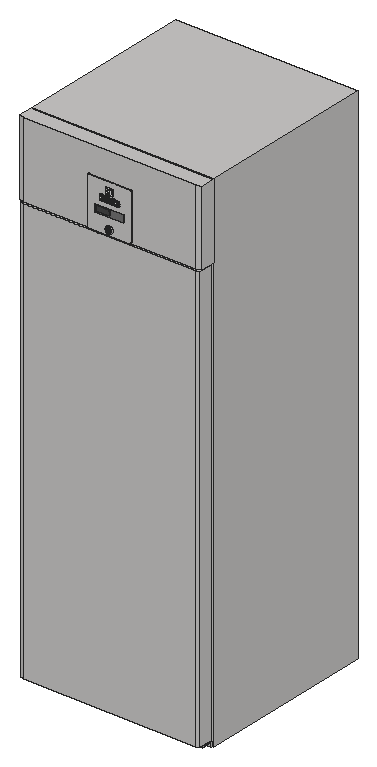
Revit family "QF_ELECTROLUXPROFESSIONAL_725097_RI075R1FR", category Specialty Equipment, Revit 2018
Family settings
  Round Connector Dimension = Use Diameter
  Part Type = Normal
  Work Plane-Based = No
  Always vertical = Yes
  Cut with Voids When Loaded = No
  Shared = No
  Room Calculation Point = No
Parameters
  Weight = 131.00 kg
  Watts = 0 W
  Volts = 0 V
  URL Manufacturer = ""
  URL = ""
  Steam Supply Size = 0 mm
  Steam Supply Minimum Pressure = 0.0 Pa
  Steam Supply Maximum Pressure = 0.0 Pa
  Steam Pounds per Hour = 0
  Refrigeration Suction Line Size = 0.032 mm
  Refrigeration Liquid Line Size = 0.02 mm
  Refrigerant Compressor Remote = yes
  Manufacturer = ""
  Phase = 0
  Model = ""
  Length Actual = 750 mm  # constant formula
  Item Number = ""
  Hot Water Size = 0 mm
  Height Actual = 2101 mm  # constant formula
  HP = "0.2 HP"
  Gas Size = 0 mm
  Gas KW = 0
  Gas Input Pressure = 0 W
  Direct Waste Size = 0 mm
  Description = ""
  Depth Actual = 816 mm  # constant formula
  Cycle = 0 Hz
  Condensate Return Size = 0 mm
  Compressed Air Volume = 0.0 L/s
  Compressed Air Size = 0 mm
  Compressed Air Pressure = 0.0 Pa
  Cold Water Size = 0 mm
  Accessory = yes
Types (2, lengths in mm): name | Volts | URL Manufacturer | URL | Manufacturer | Phase | Model | Item Number | Description | Cycle
  (no name) | 0 V | "" | "" | "" | 0 | "" | "" | "" | 0 Hz
  Standard | 220 V | "http://professional.electrolux.com" | "http://professional.electrolux.com" | "Electrolux Professional" | 1 | "RI075R1FR" | "725097" | "1-DOOR ROLL-IN REFRIGERATOR 750 LT 0/+10°C-REMOTE" | 60 Hz
Reference planes
  plane 1 "Center (Front/Back)": y = 0
  plane 2: z = 0
  plane 3 "Center (Left/Right)": x = 0
  plane 4 "TOP": z = 2101
  plane 5 "FRONT": y = -408
  plane 6 "BACK": y = 408
  plane 7 "LEFT": x = -375
  plane 8 "RIGHT": x = 375
  plane 9 "ROy": y = 241
  plane 10 "RIy": y = 269
  plane 11 "ROx": x = 134
  plane 12 "RIx": x = 207
  plane 13 "ROz": z = 1996
Forms (mm)
  Extrusion 1, solid, material "QF_Finishes_Stainless Steel"
    sketch origin (0, 0, 0) x (1, 0, 0) y (0, 1, 0)
      loop
        line (-375, 408) -> (-375, -336) -> (375, -336) -> (375, 408) -> (-375, 408)
    from 0 to 2101
  Extrusion 2, solid
    sketch origin (0, 408, 1872) x (-1, 0, 0) y (0, 0, 1)
      loop
        circle (359, 124) r 10
    from 0 to 3.2
  Extrusion 3, solid, material "QF_Clearances", detail levels coarse
    sketch origin (0, 0, 0) x (1, 0, 0) y (0, 1, 0)
      loop
        line (-375, -408) -> (-375, 408) -> (375, 408) -> (375, -408) -> (425, -408) -> (425, 458) -> (-425, 458) -> (-425, -408) -> (-375, -408)
    from 0 to 2101
  Extrusion 4, solid, material "QF_Clearances", detail levels coarse
    sketch origin (0, 0, 2101) x (-1, 0, 0) y (0, -1, 0)
      loop
        line (425, -458) -> (425, 408) -> (-425, 408) -> (-425, -458) -> (425, -458)
    from 0 to 500
  Extrusion 5, void
    sketch origin (0, 408, 0) x (-1, 0, 0) y (0, 0, 1)
      loop
        line (315, 1713.5) -> (-315, 1713.5) -> (-315, 5) -> (315, 5) -> (315, 1713.5)
    from -59 to -744
  Extrusion 6, solid, material "QF_Finishes_Stainless Steel"
    sketch origin (0, 0, 2101) x (-1, 0, 0) y (0, -1, 0)
      loop
        circle (-207, -269) r 3
    from -211 to -101
  Extrusion 7, solid, material "QF_Finishes_Stainless Steel"
    sketch origin (0, 0, 0) x (0, 1, 0) y (0, 0, 1)
      loop
        circle (241, 1996) r 4.9
    from 157.649 to 134
Cuts and joins
  joined: Extrusion 3, Extrusion 4
  Extrusion 5 cuts Extrusion 1
Lines and regions (mm)
  symbolic lines, style "QF_Clearances", detail levels coarse
    curve 1: line (-375, -408, 2101) -> (-425, -408, 2101)
    curve 2: line (-425, -408, 2101) -> (-425, 458, 2101)
    curve 3: line (-425, 458, 2101) -> (425, 458, 2101)
    curve 4: line (425, 458, 2101) -> (425, -408, 2101)
    curve 5: line (425, -408, 2101) -> (375, -408, 2101)
Dimensions and locks
  plane 6 "BACK" to plane 1 "Center (Front/Back)" to plane 5 "FRONT" = 408 mm, 408 mm
  equal spacing: plane 7 "LEFT", plane 3 "Center (Left/Right)", plane 8 "RIGHT"
  plane 7 "LEFT" to plane 8 "RIGHT" = 750 mm
  plane 6 "BACK" to plane 5 "FRONT" = 816 mm
  plane 4 "TOP" to plane 2 = 2101 mm
  equal spacing: plane 8 "RIGHT", plane 3 "Center (Left/Right)", plane 7 "LEFT"
  plane 6 "BACK" to nested 1 = 1494 mm
  cut or joined group of Extrusion 1, Extrusion 5 to cut or joined group of Extrusion 1, Extrusion 5 = 630 mm
  cut or joined group of Extrusion 1, Extrusion 5 to cut or joined group of Extrusion 1, Extrusion 5 = 685 mm
  plane 6 "BACK" to plane 10 "RIy" = 139 mm
  plane 6 "BACK" to plane 9 "ROy" = 167 mm
  plane 12 "RIx" to cut or joined group of Extrusion 1, Extrusion 5 = 168 mm
  plane 11 "ROx" to plane 12 "RIx" = 73 mm
  cut or joined group of Extrusion 1, Extrusion 5 to plane 13 "ROz" = 105 mm
  cut or joined group of Extrusion 3, Extrusion 4 to plane 4 "TOP" = 500 mm
  nested 1 to cut or joined group of Extrusion 1, Extrusion 5 = 810 mm
  nested 1 to nested 1 = 16 mm
  cut or joined group of Extrusion 3, Extrusion 4 to cut or joined group of Extrusion 1, Extrusion 5 = 50 mm
  cut or joined group of Extrusion 3, Extrusion 4 to plane 7 "LEFT" = 50 mm
  cut or joined group of Extrusion 1, Extrusion 5 to cut or joined group of Extrusion 3, Extrusion 4 = 50 mm
  plane 4 "TOP" to plane 13 "ROz" = 105 mm
  aligned and locked: level to plane 2
Automatic sketch dimensions
  plane 7 "LEFT" to Extrusion 2 sketch curve = 16 mm
  Extrusion 4 sketch curve to plane 5 "FRONT" = 0 mm
  Extrusion 4 sketch curve to plane 8 "RIGHT" = 50 mm
  Extrusion 4 sketch curve to plane 7 "LEFT" = 50 mm
  plane 6 "BACK" to Extrusion 4 sketch curve = 50 mm
  curve 5 to plane 5 "FRONT" = 0 mm
  curve 5 to plane 8 "RIGHT" = 0 mm
  curve 1 to plane 5 "FRONT" = 0 mm
  curve 1 to plane 7 "LEFT" = 0 mm
  curve 4 to plane 8 "RIGHT" = 50 mm
  curve 2 to plane 7 "LEFT" = 50 mm
  plane 6 "BACK" to curve 3 = 50 mm
  Extrusion 1 sketch curve to plane 7 "LEFT" = 0 mm
  Extrusion 1 sketch curve to plane 8 "RIGHT" = 0 mm
  Extrusion 1 sketch curve to plane 6 "BACK" = 0 mm
  plane 5 "FRONT" to Extrusion 1 sketch curve = 72 mm
  Extrusion 2 sketch curve to plane 4 "TOP" = 105 mm
  Extrusion 3 sketch curve to plane 5 "FRONT" = 0 mm  (x2)
  Extrusion 3 sketch curve to plane 7 "LEFT" = 0 mm
  Extrusion 3 sketch curve to plane 6 "BACK" = 0 mm
  Extrusion 3 sketch curve to plane 8 "RIGHT" = 0 mm
  Extrusion 3 sketch curve to plane 7 "LEFT" = 50 mm
  Extrusion 3 sketch curve to plane 8 "RIGHT" = 50 mm
  plane 6 "BACK" to Extrusion 3 sketch curve = 50 mm
  level to Extrusion 5 sketch curve = 5 mm
  plane 8 "RIGHT" to Extrusion 5 sketch curve = 60 mm
  plane 7 "LEFT" to Extrusion 5 sketch curve = 60 mm
  Extrusion 5 sketch curve to plane 4 "TOP" = 387.5 mm
  Extrusion 6 sketch curve to plane 10 "RIy" = 0 mm
  Extrusion 6 sketch curve to plane 12 "RIx" = 0 mm
  Extrusion 7 sketch curve to plane 9 "ROy" = 0 mm
  Extrusion 7 sketch curve to plane 13 "ROz" = 0 mm
  radius of Extrusion 2 sketch curve = 10 mm
  radius of Extrusion 6 sketch curve = 3 mm
  radius of Extrusion 7 sketch curve = 4.9 mm
Nested families
  nested 1: "QF_725097_Door" at (0, -336, 1050.5) x (1, 0, 0) z (0, -1, 0), type "QF_725097_Door"
    with Show Clearance yes
  nested 2: "Refrigerator" at (370, -442.5, 110), type "Refrigerator"
Connectors
  electrical at (-359, 411.2, 1996), driven by "Volts"
    settings: on Extrusion 2, index 2, voltage 0 V, apparent load 0 VA, apparent load phase1 0 VA, apparent load phase2 0 VA, apparent load phase3 0 VA, power factor 1, load classification "Other", number of poles 1, system type 30, power factor state 1, is connector primary yes, connector utility no, sub classification motor no, connector description "Electrical Connection"
  piping at (207, 269, 2000), diameter 6
    settings: on Extrusion 6, index 3, connector inside diameter 609.6 mm, connector length 0 mm, flow factor 0, pipe flow 0.0 L/s, pressure drop 0.0 Pa, fitting loss kfactor 0, connector angle 0.00°, fixture units 0, engagement length 0 mm, angle of deflection 0.00°, flow configuration 1, flow direction 1, fitting loss method 0, system type 7, joint type 0, gender type 0, connector reference index -1, connector utility 0, adjustable connector no, is connector primary yes, connector description "Refrigerant Inlet"
  piping at (134, 241, 1996), diameter 9.8
    settings: on Extrusion 7, index 4, connector inside diameter 609.6 mm, connector length 0 mm, flow factor 0, pipe flow 0.0 L/s, pressure drop 0.0 Pa, fitting loss kfactor 0, connector angle 0.00°, fixture units 0, engagement length 0 mm, angle of deflection 0.00°, flow configuration 1, flow direction 2, fitting loss method 0, system type 7, joint type 0, gender type 0, connector reference index -1, connector utility 0, adjustable connector no, is connector primary no, connector description "Refrigerant Outlet"
Definition of nested family "QF_725097_Door"
  Parameters
    Show Clearance [instance] = yes
    Model = "725097"
    Default Elevation = 1219.2 mm
  Reference planes
    plane 1 "Center (Front/Back)": y = 0
    plane 2: z = 0
    plane 3 "Center (Left/Right)": x = 0
  Forms (mm)
    Extrusion 1, solid
      sketch origin (0, -919.2, 0) x (1, 0, 0) y (0, 1, 0)
        loop
          line (-740, 2119.2) -> (-740, -324.806) -> (846.344, -324.806) -> (846.344, 2119.2) -> (-740, 2119.2)
      from 0 to -59.546
    Extrusion 2, solid
      sketch origin (0, 0, 0) x (1, 0, 0) y (0, 0, 1)
        loop
          line (-375, 60.667) -> (-375, 0) -> (375, 0) -> (375, 60.667) -> (355, 66) -> (-355, 66) -> (-375, 60.667)
      from -1050.5 to -740.5
    Extrusion 3, solid
      sketch origin (0, 0, 0) x (1, 0, 0) y (0, 0, 1)
        loop
          line (-370, 62) -> (-370, 26) -> (-348, 26) -> (-348, 8) -> (-330, 8) -> (-330, 0) -> (362, 0) -> (362, 8) -> (370, 8) -> (370, 62) -> (355, 66) -> (-355, 66) -> (-370, 62)
      from -733.5 to 1025.5
    Extrusion 4, solid
      sketch origin (147, -711.5, 0) x (0, 1, 0) y (0, 0, 1)
        loop
          line (-323.003, 40.312) -> (-316.501, 40.312) -> (-316.501, 42.812) -> (-325.503, 42.812) -> (-325.503, 2.5) -> (-339, 2.5) -> (-339, 0) -> (-323.003, 0) -> (-323.003, 12.259) -> (-323.003, 40.312)
        loop
          line (-314, 38.311) -> (-316.501, 38.311) -> (-316.501, 14.304) -> (-319.752, 14.304) -> (-319.752, 11.804) -> (-314, 11.804) -> (-314, 38.311)
      from 185 to 220
    Extrusion 5, solid
      sketch origin (147, 499.597, 0) x (0, 1, 0) y (0, 0, 1)
        loop
          line (233.903, 27.948) -> (233.903, 2.948) -> (233.903, 0) -> (240.903, 0) -> (240.903, 2.5) -> (236.403, 2.5) -> (236.403, 27.948) -> (233.903, 27.948)
      from 185 to 220
    Extrusion 6, solid, detail levels coarse
      sketch origin (24, 1013.369, -334) x (-1, 0, 0) y (0, 0, -1)
        loop
          line (-367, -352) -> (-367, -1084) -> (-329, -1084) -> (-329, -1062) -> (-311, -1062) -> (-311, -1044) -> (-303, -1044) -> (-303, -400) -> (-351, -400) -> (-351, -352) -> (-367, -352)
      from 2038.869 to 279.869
    Extrusion 7, solid, detail levels coarse
      sketch origin (41, 1123.369, -334) x (1, 0, 0) y (0, 0, 1)
        loop
          line (286, 400) -> (286, 1044) -> (294, 1044) -> (294, 1062) -> (312, 1062) -> (312, 1084)
          arc (312, 1084) -> (-184.675, 884.882) -> (-411, 400) r 727.877
          line (-411, 400) -> (286, 400)
      from 2148.869 to 389.869
  Lines and regions (mm)
    symbolic lines
      curve 1: line (-375, 0, 0) -> (-375, 0, 60.667)
      curve 2: line (375, 0, 0) -> (-375, 0, 0)
      curve 3: line (391, 0, 18) -> (391, 0, 750)
      curve 4: line (327, 0, 66) -> (327, 0, 710)
      curve 5: line (391, 0, 750) -> (353, 0, 750)
      curve 6: line (353, 0, 728) -> (353, 0, 750)
      curve 7: line (335, 0, 728) -> (353, 0, 728)
      curve 8: line (335, 0, 710) -> (335, 0, 728)
      curve 9: line (327, 0, 710) -> (335, 0, 710)
      curve 10: line (375, 0, 18) -> (391, 0, 18)
      curve 11: arc (353, 0, 750) -> (-143.675, 0, 550.882) -> (-370, 0, 66) r 727.877
      curve 12: line (375, 0, 0) -> (375, 0, 60.667)
      curve 13: line (-355, 0, 66) -> (-375, 0, 60.667)
      curve 14: line (355, 0, 66) -> (-355, 0, 66)
      curve 15: line (375, 0, 60.667) -> (355, 0, 66)
  Dimensions and locks
    Extrusion 4 to Extrusion 2 = 2101 mm
    Extrusion 3 to Extrusion 3 = 740 mm
    aligned and locked: plane 2 to Extrusion 1
    aligned and locked: level to Extrusion 1
  Nested families
    nested 1: "QF_DisplayNewRollCabinets_ELX" at (0, 840.5, 66), type "QF_DisplayNewRollCabinets_ELX"
      with Show Clearance yes
  Definition of nested family "QF_DisplayNewRollCabinets_ELX"
    Parameters
      Show Clearance [instance] = yes
      Model = "728658"
      Default Elevation = 1219.2 mm
    Reference planes
      plane 1 "Center (Front/Back)": y = 0
      plane 2: z = 0
      plane 3 "Center (Left/Right)": x = 0
    Forms (mm)
      Extrusion 1, solid
        sketch origin (0, -919.2, 0) x (1, 0, 0) y (0, 1, 0)
          loop
            line (-198.75, 1146.2) -> (-198.75, 709.567) -> (165.741, 709.567) -> (165.741, 1146.2) -> (-198.75, 1146.2)
        from 0 to -59.546
      Extrusion 2, solid
        sketch origin (-59, -79.611, 0) x (0, 1, 0) y (-1, 0, 0)
          loop
            circle (0.611, -59) r 14
          loop
            circle (0.611, -59) r 10
        from 1.6 to 6
      Extrusion 3, solid
        sketch origin (744.635, 285.889, 0) x (0, 1, 0) y (-1, 0, 0)
          loop
            circle (-364.889, 744.635) r 10
          loop
            circle (-364.889, 744.635) r 9
        from 1.6 to 6
      Extrusion 4, solid
        sketch origin (744.635, 285.889, 0) x (0, 1, 0) y (-1, 0, 0)
          loop
            circle (-364.889, 744.635) r 8.7
        from 1.6 to 6
      Extrusion 5, void
        sketch origin (744.635, 285.889, 0) x (0, 1, 0) y (-1, 0, 0)
          loop
            line (-372.339, 745.885) -> (-372.339, 743.385) -> (-362.339, 743.385) -> (-362.339, 745.885) -> (-372.339, 745.885)
        from 3 to 7
      Extrusion 6, solid
        sketch origin (0, 0, 0) x (1, 0, 0) y (0, 1, 0)
          loop
            arc (-90, -95) -> (-88.536, -98.536) -> (-85, -100) r 5
            line (-85, -100) -> (85, -100)
            arc (85, -100) -> (88.536, -98.536) -> (90, -95) r 5
            line (90, -95) -> (90, 95)
            arc (90, 95) -> (88.536, 98.536) -> (85, 100) r 5
            line (85, 100) -> (-85, 100)
            arc (-85, 100) -> (-88.536, 98.536) -> (-90, 95) r 5
            line (-90, 95) -> (-90, -95)
          loop
            line (-60, -3.798) -> (-60, -32.827) -> (60, -32.827) -> (60, -3.798) -> (-60, -3.798)
        from 0 to 1.6
      Extrusion 7, solid
        sketch origin (0, 0, 0) x (1, 0, 0) y (0, 1, 0)
          loop
            line (-60, -3.798) -> (-60, -32.827) -> (60, -32.827) -> (60, -3.798) -> (-60, -3.798)
          loop
            line (-56.428, -8.037) -> (-56.428, -28.331) -> (0, -28.331) -> (0, -8.037) -> (-56.428, -8.037)
        from 0 to 1.6
      Extrusion 8, solid
        sketch origin (0, 0, 0) x (1, 0, 0) y (0, 1, 0)
          loop
            line (-56.428, -8.037) -> (-56.428, -28.331) -> (0, -28.331) -> (0, -8.037) -> (-56.428, -8.037)
        from 0 to 1.6
      Extrusion 9, solid
        sketch origin (0, 0, 0) x (1, 0, 0) y (0, 1, 0)
          loop
            spline (-35.495, 30.517) -> (-35.679, 30.525) -> (-35.875, 30.55) -> (-36.078, 30.596) -> (-36.282, 30.665) -> (-36.483, 30.762) -> (-36.674, 30.888) -> (-36.851, 31.047) -> (-37.007, 31.242) -> (-37.138, 31.476) -> (-37.238, 31.752) -> (-37.302, 32.073) -> (-37.325, 32.443)
            line (-37.325, 32.443) -> (-37.325, 34.082) -> (-31.914, 34.082) -> (-31.914, 36.172) -> (-37.326, 36.172) -> (-37.326, 39.215) -> (-31.569, 39.215) -> (-31.569, 41.3) -> (-39.541, 41.3) -> (-39.541, 32.538)
            spline (-39.541, 32.538) -> (-39.521, 31.999) -> (-39.461, 31.491) -> (-39.359, 31.016) -> (-39.214, 30.575) -> (-39.026, 30.17) -> (-38.792, 29.803) -> (-38.513, 29.476) -> (-38.186, 29.19) -> (-37.811, 28.948) -> (-37.386, 28.75) -> (-36.91, 28.599) -> (-36.383, 28.497)
            line (-36.383, 28.497) -> (-35.513, 28.434) -> (-31.415, 28.434) -> (-31.415, 30.517) -> (-35.495, 30.517)
          loop
            line (-29.841, 35.221) -> (-29.841, 28.431) -> (-27.625, 28.431) -> (-27.625, 41.303) -> (-29.841, 41.303) -> (-29.841, 35.221)
          loop
            spline (-16.689, 32.543) -> (-16.674, 33.24) -> (-16.741, 33.914) -> (-16.887, 34.559) -> (-17.108, 35.168) -> (-17.403, 35.737) -> (-17.768, 36.257) -> (-18.2, 36.724) -> (-18.697, 37.131) -> (-19.255, 37.471) -> (-19.872, 37.739) -> (-20.545, 37.929) -> (-21.271, 38.033)
            spline (-21.271, 38.033) -> (-21.961, 37.993) -> (-22.617, 37.875) -> (-23.233, 37.682) -> (-23.805, 37.417) -> (-24.328, 37.083) -> (-24.797, 36.683) -> (-25.207, 36.219) -> (-25.554, 35.696) -> (-25.832, 35.116) -> (-26.036, 34.481) -> (-26.162, 33.795) -> (-26.206, 33.061)
            spline (-26.206, 33.061) -> (-26.164, 32.345) -> (-26.041, 31.676) -> (-25.841, 31.056) -> (-25.568, 30.489) -> (-25.226, 29.977) -> (-24.818, 29.524) -> (-24.348, 29.133) -> (-23.822, 28.805) -> (-23.241, 28.546) -> (-22.61, 28.357) -> (-21.934, 28.241) -> (-21.215, 28.202)
            spline (-21.215, 28.202) -> (-20.865, 28.21) -> (-20.518, 28.237) -> (-20.176, 28.283) -> (-19.837, 28.35) -> (-19.503, 28.441) -> (-19.173, 28.557) -> (-18.847, 28.699) -> (-18.525, 28.87) -> (-18.208, 29.07) -> (-17.895, 29.303) -> (-17.587, 29.569) -> (-17.283, 29.871)
            line (-17.283, 29.871) -> (-18.618, 31.17)
            spline (-18.618, 31.17) -> (-18.794, 31.001) -> (-18.971, 30.845) -> (-19.151, 30.704) -> (-19.334, 30.578) -> (-19.523, 30.465) -> (-19.72, 30.368) -> (-19.925, 30.284) -> (-20.141, 30.216) -> (-20.369, 30.163) -> (-20.61, 30.125) -> (-20.867, 30.102) -> (-21.141, 30.094)
            spline (-21.141, 30.094) -> (-21.542, 30.114) -> (-21.918, 30.172) -> (-22.268, 30.268) -> (-22.589, 30.399) -> (-22.881, 30.564) -> (-23.142, 30.762) -> (-23.37, 30.99) -> (-23.564, 31.248) -> (-23.721, 31.534) -> (-23.841, 31.846) -> (-23.921, 32.183) -> (-23.961, 32.543)
            line (-23.961, 32.543) -> (-16.689, 32.543)
          loop
            spline (-18.915, 34.101) -> (-18.937, 34.375) -> (-19, 34.638) -> (-19.101, 34.889) -> (-19.237, 35.124) -> (-19.407, 35.342) -> (-19.606, 35.538) -> (-19.833, 35.712) -> (-20.083, 35.859) -> (-20.355, 35.979) -> (-20.646, 36.067) -> (-20.952, 36.122) -> (-21.271, 36.141)
            spline (-21.271, 36.141) -> (-21.613, 36.123) -> (-21.943, 36.069) -> (-22.256, 35.981) -> (-22.552, 35.864) -> (-22.825, 35.717) -> (-23.075, 35.545) -> (-23.297, 35.35) -> (-23.49, 35.133) -> (-23.65, 34.897) -> (-23.774, 34.645) -> (-23.86, 34.379) -> (-23.905, 34.101)
            line (-23.905, 34.101) -> (-18.915, 34.101)
          loop
            spline (-13.301, 33.118) -> (-13.275, 33.53) -> (-13.201, 33.921) -> (-13.081, 34.288) -> (-12.918, 34.628) -> (-12.715, 34.938) -> (-12.475, 35.216) -> (-12.201, 35.459) -> (-11.896, 35.664) -> (-11.563, 35.828) -> (-11.205, 35.948) -> (-10.825, 36.023) -> (-10.425, 36.048)
            spline (-10.425, 36.048) -> (-10.18, 36.041) -> (-9.946, 36.018) -> (-9.721, 35.98) -> (-9.505, 35.928) -> (-9.298, 35.862) -> (-9.099, 35.782) -> (-8.908, 35.688) -> (-8.724, 35.581) -> (-8.547, 35.461) -> (-8.376, 35.329) -> (-8.211, 35.185) -> (-8.051, 35.028)
            line (-8.051, 35.028) -> (-6.678, 36.457)
            spline (-6.678, 36.457) -> (-6.951, 36.73) -> (-7.233, 36.975) -> (-7.522, 37.194) -> (-7.819, 37.386) -> (-8.123, 37.553) -> (-8.434, 37.695) -> (-8.751, 37.813) -> (-9.075, 37.908) -> (-9.404, 37.98) -> (-9.739, 38.031) -> (-10.08, 38.061) -> (-10.425, 38.07)
            spline (-10.425, 38.07) -> (-11.118, 38.028) -> (-11.781, 37.902) -> (-12.409, 37.698) -> (-12.996, 37.421) -> (-13.537, 37.075) -> (-14.024, 36.665) -> (-14.453, 36.196) -> (-14.817, 35.671) -> (-15.11, 35.097) -> (-15.327, 34.476) -> (-15.462, 33.815) -> (-15.508, 33.118)
            spline (-15.508, 33.118) -> (-15.462, 32.42) -> (-15.327, 31.759) -> (-15.11, 31.138) -> (-14.817, 30.564) -> (-14.453, 30.039) -> (-14.024, 29.57) -> (-13.537, 29.16) -> (-12.996, 28.814) -> (-12.409, 28.537) -> (-11.781, 28.333) -> (-11.118, 28.207) -> (-10.425, 28.165)
            spline (-10.425, 28.165) -> (-10.08, 28.174) -> (-9.739, 28.204) -> (-9.404, 28.255) -> (-9.075, 28.327) -> (-8.751, 28.422) -> (-8.434, 28.54) -> (-8.123, 28.682) -> (-7.819, 28.849) -> (-7.522, 29.041) -> (-7.233, 29.26) -> (-6.951, 29.505) -> (-6.678, 29.779)
            line (-6.678, 29.779) -> (-8.051, 31.207)
            spline (-8.051, 31.207) -> (-8.211, 31.05) -> (-8.376, 30.906) -> (-8.547, 30.774) -> (-8.724, 30.654) -> (-8.908, 30.547) -> (-9.099, 30.453) -> (-9.298, 30.373) -> (-9.505, 30.307) -> (-9.721, 30.255) -> (-9.946, 30.217) -> (-10.18, 30.194) -> (-10.425, 30.187)
            spline (-10.425, 30.187) -> (-10.825, 30.212) -> (-11.205, 30.287) -> (-11.563, 30.407) -> (-11.896, 30.571) -> (-12.201, 30.776) -> (-12.475, 31.019) -> (-12.715, 31.297) -> (-12.918, 31.607) -> (-13.081, 31.947) -> (-13.201, 32.314) -> (-13.275, 32.705) -> (-13.301, 33.118)
          loop
            spline (-1.029, 30.514) -> (-1.224, 30.511) -> (-1.433, 30.525) -> (-1.651, 30.562) -> (-1.872, 30.623) -> (-2.09, 30.713) -> (-2.301, 30.835) -> (-2.498, 30.992) -> (-2.675, 31.189) -> (-2.829, 31.429) -> (-2.952, 31.716) -> (-3.039, 32.053) -> (-3.086, 32.443)
            line (-3.086, 32.443) -> (-3.086, 35.726) -> (-1.07, 35.726) -> (-1.07, 37.739) -> (-3.083, 37.739) -> (-3.083, 41.303) -> (-5.299, 41.303) -> (-5.299, 32.317)
            spline (-5.299, 32.317) -> (-5.251, 31.795) -> (-5.165, 31.305) -> (-5.04, 30.847) -> (-4.875, 30.424) -> (-4.668, 30.037) -> (-4.418, 29.687) -> (-4.125, 29.377) -> (-3.788, 29.108) -> (-3.405, 28.881) -> (-2.975, 28.699) -> (-2.498, 28.562) -> (-1.972, 28.474)
            line (-1.972, 28.474) -> (-1.037, 28.431) -> (-1.029, 30.514)
          loop
            spline (6.427, 37.868) -> (6.044, 37.892) -> (5.675, 37.885) -> (5.321, 37.849) -> (4.984, 37.784) -> (4.663, 37.692) -> (4.362, 37.573) -> (4.079, 37.428) -> (3.817, 37.259) -> (3.576, 37.066) -> (3.358, 36.85) -> (3.163, 36.613) -> (2.992, 36.355)
            line (2.992, 36.355) -> (2.992, 37.739) -> (0.794, 37.739) -> (0.794, 28.431) -> (2.992, 28.431) -> (2.992, 33.325)
            spline (2.992, 33.325) -> (3.013, 33.696) -> (3.072, 34.042) -> (3.169, 34.362) -> (3.303, 34.653) -> (3.471, 34.915) -> (3.673, 35.147) -> (3.907, 35.346) -> (4.171, 35.513) -> (4.465, 35.644) -> (4.785, 35.74) -> (5.132, 35.799) -> (5.504, 35.818)
            line (5.504, 35.818) -> (6.427, 35.726) -> (6.427, 37.868)
          loop
            spline (16.924, 33.085) -> (16.877, 33.768) -> (16.743, 34.419) -> (16.525, 35.032) -> (16.231, 35.603) -> (15.866, 36.126) -> (15.437, 36.596) -> (14.949, 37.008) -> (14.409, 37.357) -> (13.823, 37.637) -> (13.196, 37.844) -> (12.535, 37.972) -> (11.845, 38.016)
            spline (11.845, 38.016) -> (11.152, 37.972) -> (10.488, 37.844) -> (9.86, 37.637) -> (9.273, 37.357) -> (8.733, 37.008) -> (8.246, 36.596) -> (7.818, 36.126) -> (7.455, 35.603) -> (7.163, 35.032) -> (6.946, 34.419) -> (6.812, 33.768) -> (6.766, 33.085)
            spline (6.766, 33.085) -> (6.812, 32.402) -> (6.946, 31.752) -> (7.163, 31.138) -> (7.455, 30.568) -> (7.818, 30.045) -> (8.246, 29.574) -> (8.733, 29.162) -> (9.273, 28.813) -> (9.86, 28.533) -> (10.488, 28.326) -> (11.152, 28.198) -> (11.845, 28.154)
            spline (11.845, 28.154) -> (12.535, 28.198) -> (13.196, 28.326) -> (13.823, 28.533) -> (14.409, 28.813) -> (14.949, 29.162) -> (15.437, 29.574) -> (15.866, 30.045) -> (16.231, 30.568) -> (16.525, 31.138) -> (16.743, 31.752) -> (16.877, 32.402) -> (16.924, 33.085)
          loop
            spline (14.726, 33.085) -> (14.7, 33.488) -> (14.625, 33.872) -> (14.504, 34.235) -> (14.34, 34.572) -> (14.136, 34.882) -> (13.895, 35.161) -> (13.62, 35.405) -> (13.315, 35.612) -> (12.981, 35.778) -> (12.623, 35.901) -> (12.244, 35.977) -> (11.845, 36.003)
            spline (11.845, 36.003) -> (11.443, 35.977) -> (11.061, 35.901) -> (10.702, 35.778) -> (10.368, 35.612) -> (10.063, 35.405) -> (9.789, 35.161) -> (9.549, 34.882) -> (9.346, 34.572) -> (9.184, 34.235) -> (9.064, 33.872) -> (8.99, 33.488) -> (8.965, 33.085)
            spline (8.965, 33.085) -> (8.99, 32.682) -> (9.064, 32.298) -> (9.184, 31.936) -> (9.346, 31.598) -> (9.549, 31.288) -> (9.789, 31.01) -> (10.063, 30.765) -> (10.368, 30.558) -> (10.702, 30.392) -> (11.061, 30.269) -> (11.443, 30.193) -> (11.845, 30.167)
            spline (11.845, 30.167) -> (12.244, 30.193) -> (12.623, 30.269) -> (12.981, 30.392) -> (13.315, 30.558) -> (13.62, 30.765) -> (13.895, 31.01) -> (14.136, 31.288) -> (14.34, 31.598) -> (14.504, 31.936) -> (14.625, 32.298) -> (14.7, 32.682) -> (14.726, 33.085)
          loop
            line (18.286, 35.443) -> (18.286, 28.431) -> (20.504, 28.431) -> (20.504, 41.303) -> (18.286, 41.303) -> (18.286, 35.443)
          loop
            line (28.496, 37.739) -> (28.496, 32.328)
            spline (28.496, 32.328) -> (28.478, 31.977) -> (28.426, 31.659) -> (28.342, 31.376) -> (28.228, 31.126) -> (28.085, 30.908) -> (27.916, 30.721) -> (27.723, 30.566) -> (27.508, 30.44) -> (27.273, 30.344) -> (27.019, 30.276) -> (26.748, 30.236) -> (26.464, 30.223)
            spline (26.464, 30.223) -> (26.18, 30.236) -> (25.909, 30.276) -> (25.656, 30.344) -> (25.42, 30.44) -> (25.205, 30.564) -> (25.012, 30.719) -> (24.843, 30.904) -> (24.701, 31.12) -> (24.587, 31.368) -> (24.503, 31.648) -> (24.451, 31.962) -> (24.433, 32.309)
            line (24.433, 32.309) -> (24.433, 37.739) -> (22.198, 37.739) -> (22.198, 32.125)
            spline (22.198, 32.125) -> (22.238, 31.488) -> (22.352, 30.91) -> (22.537, 30.388) -> (22.786, 29.923) -> (23.095, 29.514) -> (23.456, 29.16) -> (23.866, 28.863) -> (24.319, 28.62) -> (24.808, 28.432) -> (25.33, 28.298) -> (25.877, 28.218) -> (26.446, 28.191)
            spline (26.446, 28.191) -> (27.019, 28.218) -> (27.571, 28.299) -> (28.097, 28.435) -> (28.591, 28.626) -> (29.047, 28.872) -> (29.46, 29.174) -> (29.825, 29.532) -> (30.136, 29.947) -> (30.387, 30.419) -> (30.574, 30.948) -> (30.69, 31.535) -> (30.729, 32.18)
            line (30.729, 32.18) -> (30.729, 37.739) -> (28.496, 37.739)
          loop
            line (39.115, 31.408) -> (37.717, 33.362) -> (39.448, 35.719) -> (40.93, 37.739) -> (38.511, 37.739) -> (36.497, 34.95) -> (34.466, 37.739) -> (32.065, 37.739) -> (33.442, 35.856) -> (35.279, 33.344) -> (33.354, 30.663) -> (31.751, 28.431) -> (34.134, 28.431) -> (36.497, 31.719) -> (38.861, 28.431) -> (41.244, 28.431) -> (39.115, 31.408)
          loop
            line (-38.295, 23.783) -> (-40.009, 23.783) -> (-40.009, 19.333) -> (-39.095, 19.333) -> (-39.095, 20.841) -> (-38.295, 20.841)
            arc (-38.295, 20.841) -> (-36.824, 22.312) -> (-38.295, 23.783) r 1.471
          loop
            arc (-38.234, 21.69) -> (-37.702, 22.312) -> (-38.234, 22.934) r 0.63
            line (-38.234, 22.934) -> (-39.095, 22.934) -> (-39.095, 21.69) -> (-38.234, 21.69)
          loop
            line (-31.313, 23.783) -> (-33.058, 23.783) -> (-33.058, 19.333) -> (-32.144, 19.333) -> (-32.144, 20.866) -> (-31.349, 20.866) -> (-30.568, 19.333) -> (-29.53, 19.333) -> (-30.598, 21.091)
            arc (-30.598, 21.091) -> (-30.04, 21.611) -> (-29.845, 22.348) r 1.374
            arc (-29.845, 22.348) -> (-30.287, 23.365) -> (-31.313, 23.783) r 1.469
          loop
            line (-31.332, 22.942) -> (-32.144, 22.942) -> (-32.144, 21.7) -> (-31.332, 21.7)
            arc (-31.332, 21.7) -> (-30.827, 22.321) -> (-31.332, 22.942) r 0.634
          loop
            circle (-23.849, 21.558) r 2.311
          loop
            circle (-23.849, 21.558) r 1.467
          loop
            line (-17.711, 23.783) -> (-17.711, 19.333) -> (-16.796, 19.333) -> (-16.796, 21.162) -> (-15.122, 21.162) -> (-15.122, 22.003) -> (-16.796, 22.003) -> (-16.796, 22.942) -> (-14.961, 22.942) -> (-14.961, 23.783) -> (-17.711, 23.783)
          loop
            line (-11.187, 23.783) -> (-11.187, 20.776)
            arc (-11.187, 20.776) -> (-10.776, 19.757) -> (-9.763, 19.333) r 1.424
            line (-9.763, 19.333) -> (-8.326, 19.333) -> (-8.326, 20.174) -> (-9.388, 20.174)
            arc (-9.388, 20.174) -> (-10.074, 20.494) -> (-10.272, 21.224) r 0.897
            line (-10.272, 21.224) -> (-8.492, 21.224) -> (-8.492, 22.065) -> (-10.272, 22.065) -> (-10.272, 22.942) -> (-8.369, 22.942) -> (-8.369, 23.783) -> (-11.187, 23.783)
          loop
            line (-2.341, 22.616) -> (-1.684, 23.067)
            arc (-1.684, 23.067) -> (-2.293, 23.661) -> (-3.121, 23.857) r 1.593
            arc (-3.121, 23.857) -> (-3.842, 23.672) -> (-4.423, 23.206) r 1.765
            arc (-4.423, 23.206) -> (-4.501, 22.623) -> (-4.383, 22.046) r 1.775
            arc (-4.383, 22.046) -> (-3.986, 21.617) -> (-3.47, 21.346) r 1.724
            arc (-3.47, 21.346) -> (-3.071, 21.188) -> (-2.688, 20.994) r 4.507
            arc (-2.688, 20.994) -> (-2.464, 20.43) -> (-2.973, 20.098) r 0.479
            arc (-2.973, 20.098) -> (-3.616, 20.315) -> (-4.111, 20.78) r 1.593
            line (-4.111, 20.78) -> (-4.81, 20.341)
            arc (-4.81, 20.341) -> (-4.533, 19.884) -> (-4.129, 19.534) r 1.711
            arc (-4.129, 19.534) -> (-3.616, 19.315) -> (-3.061, 19.259) r 1.845
            arc (-3.061, 19.259) -> (-2.375, 19.396) -> (-1.757, 19.724) r 2.41
            arc (-1.757, 19.724) -> (-1.484, 20.45) -> (-1.625, 21.213) r 1.447
            arc (-1.625, 21.213) -> (-1.929, 21.564) -> (-2.319, 21.818) r 1.678
            arc (-2.319, 21.818) -> (-2.811, 22.038) -> (-3.316, 22.227) r 8.836
            arc (-3.316, 22.227) -> (-3.607, 22.681) -> (-3.186, 23.017) r 0.402
            arc (-3.186, 23.017) -> (-2.717, 22.913) -> (-2.341, 22.616) r 1.07
          loop
            line (9.023, 23.783) -> (9.023, 19.333) -> (9.938, 19.333) -> (9.938, 23.783) -> (9.023, 23.783)
          loop
            circle (16.107, 21.558) r 1.384
          loop
            circle (16.107, 21.558) r 2.311
          loop
            line (22.245, 19.333) -> (23.169, 19.333) -> (23.169, 22.131) -> (25.205, 19.333) -> (26.094, 19.333) -> (26.094, 23.783) -> (25.17, 23.783) -> (25.17, 20.9) -> (23.135, 23.783) -> (22.245, 23.783) -> (22.245, 19.333)
          loop
            line (30.707, 19.333) -> (31.141, 20.293) -> (32.787, 20.293) -> (33.22, 19.333) -> (34.204, 19.333) -> (31.937, 23.783) -> (29.725, 19.333) -> (30.707, 19.333)
          loop
            line (31.964, 22.119) -> (31.552, 21.206) -> (32.376, 21.206) -> (31.964, 22.119)
          loop
            line (38.748, 20.174) -> (38.748, 23.783) -> (37.833, 23.783) -> (37.833, 19.333) -> (40.459, 19.333) -> (40.459, 20.174) -> (38.748, 20.174)
          loop
            line (-14.216, 47.398) -> (14.216, 47.398) -> (14.216, 75.792) -> (-14.216, 75.792) -> (-14.216, 47.398)
          loop
            line (3.797, 74.398) -> (3.797, 48.85)
            arc (3.797, 48.85) -> (13.241, 61.624) -> (3.797, 74.398) r 13.361
          loop
            line (2.497, 72.548) -> (2.497, 74.398)
            arc (2.497, 74.398) -> (-8.128, 71.983) -> (-13.247, 62.364) r 13.094
            line (-13.247, 62.364) -> (-9.02, 62.364)
            arc (-9.02, 62.364) -> (-1.469, 65.429) -> (2.497, 72.548) r 12.273
          loop
            arc (-13.247, 60.883) -> (-8.136, 51.185) -> (2.497, 48.522) r 13.436
            line (2.497, 48.522) -> (2.497, 50.7)
            arc (2.497, 50.7) -> (-1.469, 57.818) -> (-9.02, 60.883) r 12.273
            line (-9.02, 60.883) -> (-13.247, 60.883)
          loop
            line (4.381, 22.616) -> (5.039, 23.067)
            arc (5.039, 23.067) -> (4.429, 23.661) -> (3.601, 23.857) r 1.593
            arc (3.601, 23.857) -> (2.88, 23.672) -> (2.299, 23.206) r 1.765
            arc (2.299, 23.206) -> (2.221, 22.623) -> (2.339, 22.046) r 1.775
            arc (2.339, 22.046) -> (2.736, 21.617) -> (3.252, 21.346) r 1.724
            arc (3.252, 21.346) -> (3.651, 21.188) -> (4.034, 20.994) r 4.507
            arc (4.034, 20.994) -> (4.258, 20.43) -> (3.75, 20.098) r 0.479
            arc (3.75, 20.098) -> (3.106, 20.315) -> (2.611, 20.78) r 1.593
            line (2.611, 20.78) -> (1.912, 20.341)
            arc (1.912, 20.341) -> (2.189, 19.884) -> (2.594, 19.534) r 1.711
            arc (2.594, 19.534) -> (3.106, 19.315) -> (3.661, 19.259) r 1.845
            arc (3.661, 19.259) -> (4.347, 19.396) -> (4.965, 19.724) r 2.41
            arc (4.965, 19.724) -> (5.238, 20.45) -> (5.097, 21.213) r 1.447
            arc (5.097, 21.213) -> (4.793, 21.564) -> (4.403, 21.818) r 1.678
            arc (4.403, 21.818) -> (3.911, 22.038) -> (3.406, 22.227) r 8.836
            arc (3.406, 22.227) -> (3.115, 22.681) -> (3.536, 23.017) r 0.402
            arc (3.536, 23.017) -> (4.005, 22.913) -> (4.381, 22.616) r 1.07
        from 1.6 to 3.2
      Extrusion 10, solid
        sketch origin (0, 0, 0) x (1, 0, 0) y (0, 1, 0)
          loop
            line (1.25, -86.45) -> (1.25, -76.45) -> (-1.25, -76.45) -> (-1.25, -86.45) -> (1.25, -86.45)
        from 1.6 to 6
    Cuts and joins
      Extrusion 5 cuts Extrusion 4
    Lines and regions (mm)
      symbolic lines
        curve 1: line (52.518, 0, 4) -> (-53.037, 0, 4)
        curve 2: line (40, 0, 4) -> (40, 0, 6)
        curve 3: line (40, 0, 6) -> (-40, 0, 6)
        curve 4: line (-40, 0, 6) -> (-40, 0, 4)
        curve 5: line (-64.765, 0, 0) -> (-53.037, 0, 4)
        curve 6: line (52.518, 0, 4) -> (64.135, 0, 0)
    Dimensions and locks
      aligned and locked: plane 2 to Extrusion 1
      aligned and locked: level to Extrusion 1
Definition of nested family "Refrigerator"
  Reference planes
    plane 1 "Center (Front/Back)": y = 0
    plane 2: z = 0
    plane 3 "Center (Left/Right)": x = 0
  Lines and regions (mm)
    detail lines, in view "Ref. Level"
      curve 1: spline (-500, 190, 0) -> (-493.185, 166.706, 0) -> (-473.205, 145, 0) -> (-441.421, 126.36, 0) -> (-400, 112.058, 0) -> (-351.764, 103.067, 0) -> (-300, 100, 0) -> (-248.236, 103.067, 0) -> (-200, 112.058, 0) -> (-158.579, 126.36, 0) -> (-126.795, 145, 0) -> (-106.815, 166.706, 0) -> (-100, 190, 0) -> (-106.815, 213.294, 0) -> (-126.795, 235, 0) -> (-158.579, 253.64, 0) -> (-200, 267.942, 0) -> (-248.236, 276.933, 0) -> (-300, 280, 0) -> (-351.764, 276.933, 0) -> (-400, 267.942, 0) -> (-441.421, 253.64, 0) -> (-473.205, 235, 0) -> (-493.185, 213.294, 0) -> (-500, 190, 0)
      curve 2: line (-300, 130, 0) -> (-300, 250, 0)
      curve 3: line (-351.962, 220, 0) -> (-248.038, 160, 0)
      curve 4: line (-351.962, 160, 0) -> (-248.038, 220, 0)
      curve 5: line (-280.884, 246.873, 0) -> (-300, 225, 0)
      curve 6: line (-300, 225, 0) -> (-319.116, 246.873, 0)
      curve 7: line (-330.311, 207.5, 0) -> (-339.696, 234.992, 0)
      curve 8: line (-358.812, 201.882, 0) -> (-330.311, 207.5, 0)
      curve 9: line (-330.311, 172.5, 0) -> (-358.812, 178.118, 0)
      curve 10: line (-339.696, 145.008, 0) -> (-330.311, 172.5, 0)
      curve 11: line (-300, 155, 0) -> (-319.116, 133.127, 0)
      curve 12: line (-280.884, 133.127, 0) -> (-300, 155, 0)
      curve 13: line (-269.689, 172.5, 0) -> (-260.304, 145.008, 0)
      curve 14: line (-241.188, 178.118, 0) -> (-269.689, 172.5, 0)
      curve 15: line (-269.689, 207.5, 0) -> (-241.188, 201.882, 0)
      curve 16: line (-260.304, 234.992, 0) -> (-269.689, 207.5, 0)
